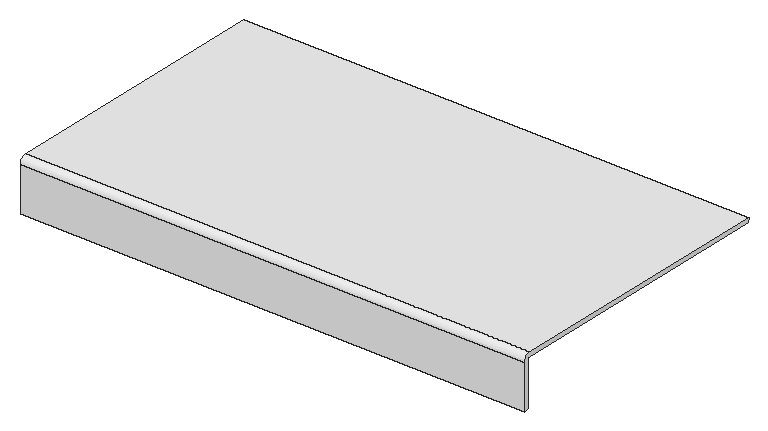
Revit family "JOMA_Gerberbeslag", category Structural Connections, host Face, Revit 2012 (continued)
Nested families
  nested 740: "Spikmönster" at (60, 30, 0), visible <- "Typ 140 Spikmönster 2", type "Ø5"
  nested 741: "Spikmönster" at (1025, 130, 0), visible <- "Typ 140 Spikmönster 1", type "Ø5", not visible
  nested 742: "Spikmönster" at (1065, 130, 0), visible <- "Typ 140 Spikmönster 1", type "Ø5", not visible
  nested 743: "Spikmönster" at (1045, 120, 0), visible <- "Typ 140 Spikmönster 1", type "Ø5", not visible
  nested 744: "Spikmönster" at (1205, 120, 0), visible <- "Typ 140 Spikmönster 1", type "Ø5", not visible
  nested 745: "Spikmönster" at (1225, 130, 0), visible <- "Typ 140 Spikmönster 1", type "Ø5", not visible
  nested 746: "Spikmönster" at (1185, 130, 0), visible <- "Typ 140 Spikmönster 1", type "Ø5", not visible
  nested 747: "Spikmönster" at (1025, 110, 0), visible <- "Typ 140 Spikmönster 1", type "Ø5", not visible
  nested 748: "Spikmönster" at (1065, 110, 0), visible <- "Typ 140 Spikmönster 1", type "Ø5", not visible
  nested 749: "Spikmönster" at (1045, 100, 0), visible <- "Typ 140 Spikmönster 1", type "Ø5", not visible
  nested 750: "Spikmönster" at (1205, 100, 0), visible <- "Typ 140 Spikmönster 1", type "Ø5", not visible
  nested 751: "Spikmönster" at (1225, 110, 0), visible <- "Typ 140 Spikmönster 1", type "Ø5", not visible
  nested 752: "Spikmönster" at (1185, 110, 0), visible <- "Typ 140 Spikmönster 1", type "Ø5", not visible
  nested 753: "Spikmönster" at (1025, 90, 0), visible <- "Typ 140 Spikmönster 1", type "Ø5", not visible
  nested 754: "Spikmönster" at (1065, 90, 0), visible <- "Typ 140 Spikmönster 1", type "Ø5", not visible
  nested 755: "Spikmönster" at (1045, 80, 0), visible <- "Typ 140 Spikmönster 1", type "Ø5", not visible
  nested 756: "Spikmönster" at (1205, 80, 0), visible <- "Typ 140 Spikmönster 1", type "Ø5", not visible
  nested 757: "Spikmönster" at (1225, 90, 0), visible <- "Typ 140 Spikmönster 1", type "Ø5", not visible
  nested 758: "Spikmönster" at (1185, 90, 0), visible <- "Typ 140 Spikmönster 1", type "Ø5", not visible
  nested 759: "Spikmönster" at (1025, 70, 0), visible <- "Typ 140 Spikmönster 1", type "Ø5", not visible
  nested 760: "Spikmönster" at (1065, 70, 0), visible <- "Typ 140 Spikmönster 1", type "Ø5", not visible
  nested 761: "Spikmönster" at (1045, 60, 0), visible <- "Typ 140 Spikmönster 1", type "Ø5", not visible
  nested 762: "Spikmönster" at (1205, 60, 0), visible <- "Typ 140 Spikmönster 1", type "Ø5", not visible
  nested 763: "Spikmönster" at (1225, 70, 0), visible <- "Typ 140 Spikmönster 1", type "Ø5", not visible
  nested 764: "Spikmönster" at (1185, 70, 0), visible <- "Typ 140 Spikmönster 1", type "Ø5", not visible
  nested 765: "Spikmönster" at (1025, 50, 0), visible <- "Typ 140 Spikmönster 1", type "Ø5", not visible
  nested 766: "Spikmönster" at (1065, 50, 0), visible <- "Typ 140 Spikmönster 1", type "Ø5", not visible
  nested 767: "Spikmönster" at (1045, 40, 0), visible <- "Typ 140 Spikmönster 1", type "Ø5", not visible
  nested 768: "Spikmönster" at (1205, 40, 0), visible <- "Typ 140 Spikmönster 1", type "Ø5", not visible
  nested 769: "Spikmönster" at (1225, 50, 0), visible <- "Typ 140 Spikmönster 1", type "Ø5", not visible
  nested 770: "Spikmönster" at (1185, 50, 0), visible <- "Typ 140 Spikmönster 1", type "Ø5", not visible
  nested 771: "Spikmönster" at (1025, 30, 0), visible <- "Typ 140 Spikmönster 1", type "Ø5", not visible
  nested 772: "Spikmönster" at (1065, 30, 0), visible <- "Typ 140 Spikmönster 1", type "Ø5", not visible
  nested 773: "Spikmönster" at (1045, 20, 0), visible <- "Typ 140 Spikmönster 1", type "Ø5", not visible
  nested 774: "Spikmönster" at (1205, 20, 0), visible <- "Typ 140 Spikmönster 1", type "Ø5", not visible
  nested 775: "Spikmönster" at (1225, 30, 0), visible <- "Typ 140 Spikmönster 1", type "Ø5", not visible
  nested 776: "Spikmönster" at (1185, 30, 0), visible <- "Typ 140 Spikmönster 1", type "Ø5", not visible
  nested 777: "Spikmönster" at (1025, 130, 0), visible <- "Typ 140 Spikmönster 2", type "Ø5", not visible
  nested 778: "Spikmönster" at (1065, 130, 0), visible <- "Typ 140 Spikmönster 2", type "Ø5", not visible
  nested 779: "Spikmönster" at (1225, 130, 0), visible <- "Typ 140 Spikmönster 2", type "Ø5", not visible
  nested 780: "Spikmönster" at (1185, 130, 0), visible <- "Typ 140 Spikmönster 2", type "Ø5", not visible
  nested 781: "Spikmönster" at (1025, 110, 0), visible <- "Typ 140 Spikmönster 2", type "Ø5", not visible
  nested 782: "Spikmönster" at (1065, 110, 0), visible <- "Typ 140 Spikmönster 2", type "Ø5", not visible
  nested 783: "Spikmönster" at (1225, 110, 0), visible <- "Typ 140 Spikmönster 2", type "Ø5", not visible
  nested 784: "Spikmönster" at (1185, 110, 0), visible <- "Typ 140 Spikmönster 2", type "Ø5", not visible
  nested 785: "Spikmönster" at (1025, 90, 0), visible <- "Typ 140 Spikmönster 2", type "Ø5", not visible
  nested 786: "Spikmönster" at (1065, 90, 0), visible <- "Typ 140 Spikmönster 2", type "Ø5", not visible
  nested 787: "Spikmönster" at (1225, 90, 0), visible <- "Typ 140 Spikmönster 2", type "Ø5", not visible
  nested 788: "Spikmönster" at (1185, 90, 0), visible <- "Typ 140 Spikmönster 2", type "Ø5", not visible
  nested 789: "Spikmönster" at (1025, 70, 0), visible <- "Typ 140 Spikmönster 2", type "Ø5", not visible
  nested 790: "Spikmönster" at (1065, 70, 0), visible <- "Typ 140 Spikmönster 2", type "Ø5", not visible
  nested 791: "Spikmönster" at (1225, 70, 0), visible <- "Typ 140 Spikmönster 2", type "Ø5", not visible
  nested 792: "Spikmönster" at (1185, 70, 0), visible <- "Typ 140 Spikmönster 2", type "Ø5", not visible
  nested 793: "Spikmönster" at (1025, 50, 0), visible <- "Typ 140 Spikmönster 2", type "Ø5", not visible
  nested 794: "Spikmönster" at (1065, 50, 0), visible <- "Typ 140 Spikmönster 2", type "Ø5", not visible
  nested 795: "Spikmönster" at (1225, 50, 0), visible <- "Typ 140 Spikmönster 2", type "Ø5", not visible
  nested 796: "Spikmönster" at (1185, 50, 0), visible <- "Typ 140 Spikmönster 2", type "Ø5", not visible
  nested 797: "Spikmönster" at (1025, 30, 0), visible <- "Typ 140 Spikmönster 2", type "Ø5", not visible
  nested 798: "Spikmönster" at (1065, 30, 0), visible <- "Typ 140 Spikmönster 2", type "Ø5", not visible
  nested 799: "Spikmönster" at (1225, 30, 0), visible <- "Typ 140 Spikmönster 2", type "Ø5", not visible
  nested 800: "Spikmönster" at (1185, 30, 0), visible <- "Typ 140 Spikmönster 2", type "Ø5", not visible
  nested 801: "Spikmönster" at (-100, 110, 0), visible <- "Typ 120 Spikmönster 1", type "Ø5"
  nested 802: "Spikmönster" at (-60, 110, 0), visible <- "Typ 120 Spikmönster 1", type "Ø5"
  nested 803: "Spikmönster" at (-80, 100, 0), visible <- "Typ 120 Spikmönster 1", type "Ø5"
  nested 804: "Spikmönster" at (60, 110, 0), visible <- "Typ 120 Spikmönster 1", type "Ø5"
  nested 805: "Spikmönster" at (100, 110, 0), visible <- "Typ 120 Spikmönster 1", type "Ø5"
  nested 806: "Spikmönster" at (80, 100, 0), visible <- "Typ 120 Spikmönster 1", type "Ø5"
  nested 807: "Spikmönster" at (-100, 90, 0), visible <- "Typ 120 Spikmönster 1", type "Ø5"
  nested 808: "Spikmönster" at (-60, 90, 0), visible <- "Typ 120 Spikmönster 1", type "Ø5"
  nested 809: "Spikmönster" at (-80, 80, 0), visible <- "Typ 120 Spikmönster 1", type "Ø5"
  nested 810: "Spikmönster" at (60, 90, 0), visible <- "Typ 120 Spikmönster 1", type "Ø5"
  nested 811: "Spikmönster" at (100, 90, 0), visible <- "Typ 120 Spikmönster 1", type "Ø5"
  nested 812: "Spikmönster" at (80, 80, 0), visible <- "Typ 120 Spikmönster 1", type "Ø5"
  nested 813: "Spikmönster" at (-100, 70, 0), visible <- "Typ 120 Spikmönster 1", type "Ø5"
  nested 814: "Spikmönster" at (-60, 70, 0), visible <- "Typ 120 Spikmönster 1", type "Ø5"
  nested 815: "Spikmönster" at (-80, 60, 0), visible <- "Typ 120 Spikmönster 1", type "Ø5"
  nested 816: "Spikmönster" at (60, 70, 0), visible <- "Typ 120 Spikmönster 1", type "Ø5"
  nested 817: "Spikmönster" at (100, 70, 0), visible <- "Typ 120 Spikmönster 1", type "Ø5"
  nested 818: "Spikmönster" at (80, 60, 0), visible <- "Typ 120 Spikmönster 1", type "Ø5"
  nested 819: "Spikmönster" at (-100, 50, 0), visible <- "Typ 120 Spikmönster 1", type "Ø5"
  nested 820: "Spikmönster" at (-60, 50, 0), visible <- "Typ 120 Spikmönster 1", type "Ø5"
  nested 821: "Spikmönster" at (-80, 40, 0), visible <- "Typ 120 Spikmönster 1", type "Ø5"
  nested 822: "Spikmönster" at (60, 50, 0), visible <- "Typ 120 Spikmönster 1", type "Ø5"
  nested 823: "Spikmönster" at (100, 50, 0), visible <- "Typ 120 Spikmönster 1", type "Ø5"
  nested 824: "Spikmönster" at (80, 40, 0), visible <- "Typ 120 Spikmönster 1", type "Ø5"
  nested 825: "Spikmönster" at (-100, 30, 0), visible <- "Typ 120 Spikmönster 1", type "Ø5"
  nested 826: "Spikmönster" at (-60, 30, 0), visible <- "Typ 120 Spikmönster 1", type "Ø5"
  nested 827: "Spikmönster" at (-80, 20, 0), visible <- "Typ 120 Spikmönster 1", type "Ø5"
  nested 828: "Spikmönster" at (60, 30, 0), visible <- "Typ 120 Spikmönster 1", type "Ø5"
  nested 829: "Spikmönster" at (100, 30, 0), visible <- "Typ 120 Spikmönster 1", type "Ø5"
  nested 830: "Spikmönster" at (80, 20, 0), visible <- "Typ 120 Spikmönster 1", type "Ø5"
  nested 831: "Spikmönster" at (-100, 110, 0), visible <- "Typ 120 Spikmönster 2", type "Ø5"
  nested 832: "Spikmönster" at (-60, 110, 0), visible <- "Typ 120 Spikmönster 2", type "Ø5"
  nested 833: "Spikmönster" at (60, 110, 0), visible <- "Typ 120 Spikmönster 2", type "Ø5"
  nested 834: "Spikmönster" at (100, 110, 0), visible <- "Typ 120 Spikmönster 2", type "Ø5"
  nested 835: "Spikmönster" at (-100, 90, 0), visible <- "Typ 120 Spikmönster 2", type "Ø5"
  nested 836: "Spikmönster" at (-60, 90, 0), visible <- "Typ 120 Spikmönster 2", type "Ø5"
  nested 837: "Spikmönster" at (60, 90, 0), visible <- "Typ 120 Spikmönster 2", type "Ø5"
  nested 838: "Spikmönster" at (100, 90, 0), visible <- "Typ 120 Spikmönster 2", type "Ø5"
  nested 839: "Spikmönster" at (-100, 70, 0), visible <- "Typ 120 Spikmönster 2", type "Ø5"
  nested 840: "Spikmönster" at (-60, 70, 0), visible <- "Typ 120 Spikmönster 2", type "Ø5"
  nested 841: "Spikmönster" at (60, 70, 0), visible <- "Typ 120 Spikmönster 2", type "Ø5"
  nested 842: "Spikmönster" at (100, 70, 0), visible <- "Typ 120 Spikmönster 2", type "Ø5"
  nested 843: "Spikmönster" at (-100, 50, 0), visible <- "Typ 120 Spikmönster 2", type "Ø5"
  nested 844: "Spikmönster" at (-60, 50, 0), visible <- "Typ 120 Spikmönster 2", type "Ø5"
  nested 845: "Spikmönster" at (60, 50, 0), visible <- "Typ 120 Spikmönster 2", type "Ø5"
  nested 846: "Spikmönster" at (100, 50, 0), visible <- "Typ 120 Spikmönster 2", type "Ø5"
  nested 847: "Spikmönster" at (-100, 30, 0), visible <- "Typ 120 Spikmönster 2", type "Ø5"
  nested 848: "Spikmönster" at (-60, 30, 0), visible <- "Typ 120 Spikmönster 2", type "Ø5"
  nested 849: "Spikmönster" at (60, 30, 0), visible <- "Typ 120 Spikmönster 2", type "Ø5"
  nested 850: "Spikmönster" at (100, 30, 0), visible <- "Typ 120 Spikmönster 2", type "Ø5"
  nested 851: "Spikmönster" at (1320, 110, 0), visible <- "Typ 120 Spikmönster 1", type "Ø5", not visible
  nested 852: "Spikmönster" at (1360, 110, 0), visible <- "Typ 120 Spikmönster 1", type "Ø5", not visible
  nested 853: "Spikmönster" at (1340, 100, 0), visible <- "Typ 120 Spikmönster 1", type "Ø5", not visible
  nested 854: "Spikmönster" at (1480, 110, 0), visible <- "Typ 120 Spikmönster 1", type "Ø5", not visible
  nested 855: "Spikmönster" at (1520, 110, 0), visible <- "Typ 120 Spikmönster 1", type "Ø5", not visible
  nested 856: "Spikmönster" at (1500, 100, 0), visible <- "Typ 120 Spikmönster 1", type "Ø5", not visible
  nested 857: "Spikmönster" at (1320, 90, 0), visible <- "Typ 120 Spikmönster 1", type "Ø5", not visible
  nested 858: "Spikmönster" at (1360, 90, 0), visible <- "Typ 120 Spikmönster 1", type "Ø5", not visible
  nested 859: "Spikmönster" at (1340, 80, 0), visible <- "Typ 120 Spikmönster 1", type "Ø5", not visible
  nested 860: "Spikmönster" at (1480, 90, 0), visible <- "Typ 120 Spikmönster 1", type "Ø5", not visible
  nested 861: "Spikmönster" at (1520, 90, 0), visible <- "Typ 120 Spikmönster 1", type "Ø5", not visible
  nested 862: "Spikmönster" at (1500, 80, 0), visible <- "Typ 120 Spikmönster 1", type "Ø5", not visible
  nested 863: "Spikmönster" at (1320, 70, 0), visible <- "Typ 120 Spikmönster 1", type "Ø5", not visible
  nested 864: "Spikmönster" at (1360, 70, 0), visible <- "Typ 120 Spikmönster 1", type "Ø5", not visible
  nested 865: "Spikmönster" at (1340, 60, 0), visible <- "Typ 120 Spikmönster 1", type "Ø5", not visible
  nested 866: "Spikmönster" at (1480, 70, 0), visible <- "Typ 120 Spikmönster 1", type "Ø5", not visible
  nested 867: "Spikmönster" at (1520, 70, 0), visible <- "Typ 120 Spikmönster 1", type "Ø5", not visible
  nested 868: "Spikmönster" at (1500, 60, 0), visible <- "Typ 120 Spikmönster 1", type "Ø5", not visible
  nested 869: "Spikmönster" at (1320, 50, 0), visible <- "Typ 120 Spikmönster 1", type "Ø5", not visible
  nested 870: "Spikmönster" at (1360, 50, 0), visible <- "Typ 120 Spikmönster 1", type "Ø5", not visible
  nested 871: "Spikmönster" at (1340, 40, 0), visible <- "Typ 120 Spikmönster 1", type "Ø5", not visible
  nested 872: "Spikmönster" at (1480, 50, 0), visible <- "Typ 120 Spikmönster 1", type "Ø5", not visible
  nested 873: "Spikmönster" at (1520, 50, 0), visible <- "Typ 120 Spikmönster 1", type "Ø5", not visible
  nested 874: "Spikmönster" at (1500, 40, 0), visible <- "Typ 120 Spikmönster 1", type "Ø5", not visible
  nested 875: "Spikmönster" at (1320, 30, 0), visible <- "Typ 120 Spikmönster 1", type "Ø5", not visible
  nested 876: "Spikmönster" at (1360, 30, 0), visible <- "Typ 120 Spikmönster 1", type "Ø5", not visible
  nested 877: "Spikmönster" at (1340, 20, 0), visible <- "Typ 120 Spikmönster 1", type "Ø5", not visible
  nested 878: "Spikmönster" at (1480, 30, 0), visible <- "Typ 120 Spikmönster 1", type "Ø5", not visible
  nested 879: "Spikmönster" at (1520, 30, 0), visible <- "Typ 120 Spikmönster 1", type "Ø5", not visible
  nested 880: "Spikmönster" at (1500, 20, 0), visible <- "Typ 120 Spikmönster 1", type "Ø5", not visible
  nested 881: "Spikmönster" at (1320, 110, 0), visible <- "Typ 120 Spikmönster 2", type "Ø5", not visible
  nested 882: "Spikmönster" at (1360, 110, 0), visible <- "Typ 120 Spikmönster 2", type "Ø5", not visible
  nested 883: "Spikmönster" at (1480, 110, 0), visible <- "Typ 120 Spikmönster 2", type "Ø5", not visible
  nested 884: "Spikmönster" at (1520, 110, 0), visible <- "Typ 120 Spikmönster 2", type "Ø5", not visible
  nested 885: "Spikmönster" at (1320, 90, 0), visible <- "Typ 120 Spikmönster 2", type "Ø5", not visible
  nested 886: "Spikmönster" at (1360, 90, 0), visible <- "Typ 120 Spikmönster 2", type "Ø5", not visible
  nested 887: "Spikmönster" at (1480, 90, 0), visible <- "Typ 120 Spikmönster 2", type "Ø5", not visible
  nested 888: "Spikmönster" at (1520, 90, 0), visible <- "Typ 120 Spikmönster 2", type "Ø5", not visible
  nested 889: "Spikmönster" at (1320, 70, 0), visible <- "Typ 120 Spikmönster 2", type "Ø5", not visible
  nested 890: "Spikmönster" at (1360, 70, 0), visible <- "Typ 120 Spikmönster 2", type "Ø5", not visible
  nested 891: "Spikmönster" at (1480, 70, 0), visible <- "Typ 120 Spikmönster 2", type "Ø5", not visible
  nested 892: "Spikmönster" at (1520, 70, 0), visible <- "Typ 120 Spikmönster 2", type "Ø5", not visible
  nested 893: "Spikmönster" at (1320, 50, 0), visible <- "Typ 120 Spikmönster 2", type "Ø5", not visible
  nested 894: "Spikmönster" at (1360, 50, 0), visible <- "Typ 120 Spikmönster 2", type "Ø5", not visible
  nested 895: "Spikmönster" at (1480, 50, 0), visible <- "Typ 120 Spikmönster 2", type "Ø5", not visible
  nested 896: "Spikmönster" at (1520, 50, 0), visible <- "Typ 120 Spikmönster 2", type "Ø5", not visible
  nested 897: "Spikmönster" at (1320, 30, 0), visible <- "Typ 120 Spikmönster 2", type "Ø5", not visible
  nested 898: "Spikmönster" at (1360, 30, 0), visible <- "Typ 120 Spikmönster 2", type "Ø5", not visible
  nested 899: "Spikmönster" at (1480, 30, 0), visible <- "Typ 120 Spikmönster 2", type "Ø5", not visible
  nested 900: "Spikmönster" at (1520, 30, 0), visible <- "Typ 120 Spikmönster 2", type "Ø5", not visible
Definition of nested family "Spikmönster"
  Parameters (values of type "Ø11")
    Radie = 5.500 mm
  Types (3, lengths in mm): name | Radie
    (no name) | 5.500
    Ø5 | 2.500
    Ø11 | 5.500
  Reference planes
    plane 1 "Center (Front/Back)": y = 0
    plane 2: z = 0
    plane 3 "Center (Left/Right)": x = 0
  Lines and regions (mm)
    Filled region 1, type "Solid Fill - Black", in view "Ref. Level"
      outline origin (0, 0, 0) x (1, 0, 0) y (0, 1, 0)
        loop
          circle (0, 0) r 5.5
  Dimensions and locks
    "Radie": radius of Filled region 1 sketch curve
  Automatic sketch dimensions
    plane 1 "Center (Front/Back)" to Filled region 1 sketch curve = 0.000 mm
    Filled region 1 sketch curve to plane 3 "Center (Left/Right)" = 0.000 mm
Types (6, lengths in mm): name | l | h | Vikt | Typ 220 | Typ 200 | Typ 180 | Typ 160 | Typ 140 | Typ 120 | Typ
  5622120 | 120.000 | 20.000 | "0,46" | no | no | no | no | no | yes | "TYP 120"
  5622140 | 140.000 | 20.000 | "0,54" | no | no | no | no | yes | no | "TYP 140"
  5622160 | 160.000 | 20.000 | "0,60" | no | no | no | yes | no | no | "TYP 160"
  5622180 | 180.000 | 20.000 | "0,65" | no | no | yes | no | no | no | "TYP 180"
  5622200 | 200.000 | 20.000 | "0,72" | no | yes | no | no | no | no | "TYP 200"
  5622220 | 220.000 | 18.000 | "0,81" | yes | no | no | no | no | no | "TYP 220"
